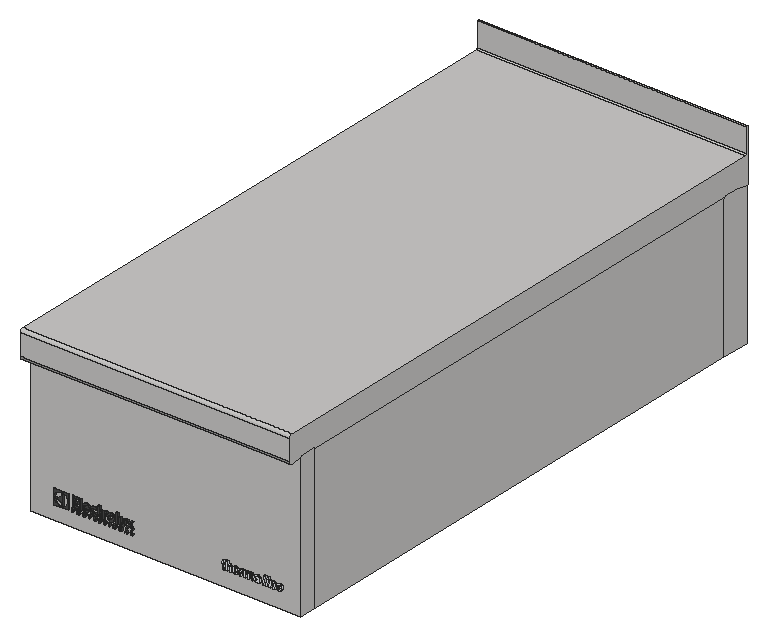
Revit family "QF_ELECTROLUXPROFESSIONAL_588563_MBNABBDOOO", category Attrezzature speciali, Revit 2020
Family settings
  Quota connettore circolare = Usa diametro
  Tipo di parte = Normale
  Basato su piano di lavoro = No
  Sempre verticale = Sì
  Taglio con vuoti quando caricato = No
  Condiviso = No
  Punto di calcolo locali = No
Parameters (values of type "Standard")
  Weight = 16.00 kg
  Watts = 0 W
  Volts = 0 V
  URL Manufacturer = "https://www.electroluxprofessional.com/"
  URL = "https://www.electroluxprofessional.com/"
  Steam Supply Size = 0"
  Steam Supply Minimum Pressure = 0.00 psi
  Steam Supply Maximum Pressure = 0.00 psi
  Steam Consumption per Hour = 0
  Refrigeration Suction Line Size = 0 mm
  Refrigeration Liquid Line Size = 0 mm
  Refrigerant Compressor Remote = yes
  Prospetto di default = 0 mm
  Phase = 0
  Modello = "MBNABBDOOO"
  Produttore = "Electrolux Professional"
  Length Actual = 400 mm  # constant formula
  Item Number = "588563"
  Hot Water Size = 0"
  Height Actual = 250 mm  # constant formula
  HP = "0 HP"
  Gas Size = 0"
  Gas KW = 0
  Gas Input Pressure = 0.0 Btu/h
  Direct Waste Size = 0"
  Descrizione = "WORK TOP,CLOSED,1-S,BACKSPL,400X850X250H"
  Depth Actual = 850 mm  # constant formula
  Cycle = 0 Hz
  Condensate Return Size = 0"
  Compressed Air Volume = 0 GPM
  Compressed Air Size = 0"
  Compressed Air Pressure = 0.00 psi
  Cold Water Size = 0"
  Accessory = yes
Reference planes
  plane 1 "BACK": y = 0
  plane 2: z = 0
  plane 3 "LEFT": x = 0
  plane 4 "RIGHT": x = 400
  plane 5 "FRONT": y = -850
  plane 6 "PLAIN": z = 900
  plane 7 "Center (Left/Right)": x = 200
  plane 8 "Center (Front/Back)": y = -425
  plane 9 "Grill": z = 888
  plane 10 "BASE": z = 650
  plane 11 "TOP": z = 938
  plane 12: x = 285
  plane 13: x = 35
Forms (mm)
  Extrusion 1, solid, material "QF_Finishes_Stainless Steel"
    sketch origin (0, 0, 650) x (0, 1, 0) y (0, 0, 1)
      loop
        line (0, 288) -> (-2, 288) -> (-2, 252)
        arc (-2, 252) -> (-2.586, 250.586) -> (-4, 250) r 2
        line (-4, 250) -> (-845, 250)
        arc (-845, 250) -> (-848.536, 248.536) -> (-850, 245) r 5
        line (-850, 245) -> (-850, 214)
        arc (-850, 214) -> (-848.571, 210.936) -> (-845.305, 210.061) r 4
        line (-845.305, 210.061) -> (-830, 212.969) -> (-20, 212.969) -> (-4.695, 210.061)
        arc (-4.695, 210.061) -> (-1.429, 210.936) -> (0, 214) r 4
        line (0, 214) -> (0, 288)
    from 0 to 400
  Extrusion 2, solid, material "QF_Finishes_Stainless Steel"
    sketch origin (200, 296.4, 1869.2) x (0, 1, 0) y (0, 0, 1)
      loop
        line (-299.4, -1009.461) -> (-316.4, -1006.231) -> (-341.4, -1006.231) -> (-341.4, -1219.2) -> (-299.4, -1219.2) -> (-299.4, -1009.461)
    from -200 to 200
  Extrusion 3, solid, material "QF_Finishes_Stainless Steel"
    sketch origin (0, 0, 650) x (0, 1, 0) y (0, 0, 1)
      loop
        line (-45, 212.969) -> (-805, 212.969) -> (-805, 0) -> (-45, 0) -> (-45, 212.969)
    from 0 to 400
  Extrusion 4, solid, material "QF_Finishes_Stainless Steel"
    sketch origin (0, 0, 0) x (0, 1, 0) y (0, 0, 1)
      loop
        line (-805, 862.969) -> (-830, 862.969) -> (-830, 650) -> (-805, 650) -> (-805, 862.969)
    from 0 to 400
Lines and regions (mm)
  symbolic lines
    curve 1: line (0, -850, 0) -> (0, 0, 0)
    curve 2: line (0, -850, 888) -> (400, -850, 888)
    curve 3: line (400, 0, 888) -> (0, 0, 888)
    curve 4: line (400, -850, 888) -> (400, 0, 888)
    curve 5: line (400, -2, 888) -> (0, -2, 888)
Dimensions and locks
  plane 3 "LEFT" to plane 4 "RIGHT" = 400 mm
  plane 5 "FRONT" to plane 1 "BACK" = 850 mm
  equal spacing: plane 3 "LEFT", plane 7 "Center (Left/Right)", plane 4 "RIGHT"
  equal spacing: plane 5 "FRONT", plane 8 "Center (Front/Back)", plane 1 "BACK"
  locked: plane 6 "PLAIN" to level at 900
  plane 6 "PLAIN" to plane 10 "BASE" = 250 mm
  plane 11 "TOP" to plane 6 "PLAIN" = 38 mm
  locked: plane 12 to plane 4 "RIGHT" at 115
  plane 13 to plane 3 "LEFT" = 35 mm
  aligned and locked: level to plane 2
  aligned and locked: Extrusion 4 to plane 3 "LEFT"
  aligned and locked: Extrusion 4 to plane 4 "RIGHT"
  aligned and locked: plane 3 "LEFT" to Extrusion 2
  aligned and locked: Extrusion 2 to plane 4 "RIGHT"
  aligned and locked: Extrusion 3 to plane 4 "RIGHT"
  aligned and locked: Extrusion 3 to plane 3 "LEFT"
  aligned and locked: Extrusion 1 to plane 3 "LEFT"
  aligned and locked: Extrusion 1 to plane 4 "RIGHT"
  aligned and locked: nested 1 to plane 12
Automatic sketch dimensions
  plane 1 "BACK" to curve 1 = 0 mm
  curve 1 to plane 3 "LEFT" = 0 mm
  plane 5 "FRONT" to curve 1 = 0 mm
  Extrusion 1 sketch curve to plane 5 "FRONT" = 0 mm
  Extrusion 1 sketch curve to plane 6 "PLAIN" = 0 mm
  Extrusion 1 sketch curve to plane 11 "TOP" = 0 mm
  Extrusion 1 sketch curve to plane 1 "BACK" = 0 mm
  Extrusion 1 sketch curve to Extrusion 1 sketch curve = 4 mm
  Extrusion 1 sketch curve to Extrusion 1 sketch curve = 0.695 mm
  Extrusion 1 sketch curve to Extrusion 1 sketch curve = 5 mm
  Extrusion 1 sketch curve to Extrusion 1 sketch curve = 15.305 mm
  plane 1 "BACK" to Extrusion 1 sketch curve = 20 mm
  plane 1 "BACK" to Extrusion 1 sketch curve = 4.695 mm
  plane 1 "BACK" to Extrusion 1 sketch curve = 4 mm  (x2)
  plane 1 "BACK" to Extrusion 1 sketch curve = 2 mm
  Extrusion 1 sketch curve to plane 9 "Grill" = 24 mm  (x2)
  Extrusion 1 sketch curve to Extrusion 1 sketch curve = 2.909 mm
  Extrusion 2 sketch curve to plane 10 "BASE" = 0 mm
  plane 1 "BACK" to Extrusion 2 sketch curve = 45 mm
  plane 1 "BACK" to Extrusion 2 sketch curve = 20 mm
  plane 1 "BACK" to Extrusion 2 sketch curve = 3 mm
  Extrusion 2 sketch curve to plane 9 "Grill" = 28.261 mm
  Extrusion 2 sketch curve to plane 9 "Grill" = 25.031 mm
  Extrusion 3 sketch curve to plane 10 "BASE" = 0 mm
  Extrusion 3 sketch curve to plane 5 "FRONT" = 45 mm
  plane 1 "BACK" to Extrusion 3 sketch curve = 45 mm
  Extrusion 3 sketch curve to plane 9 "Grill" = 25.031 mm
  curve 2 to plane 4 "RIGHT" = 0 mm
  plane 5 "FRONT" to curve 2 = 0 mm
  curve 5 to plane 3 "LEFT" = 0 mm
  plane 1 "BACK" to curve 4 = 0 mm
  curve 3 to plane 3 "LEFT" = 0 mm
  curve 2 to plane 3 "LEFT" = 0 mm
  curve 5 to curve 3 = 2 mm
  Extrusion 4 sketch curve to plane 10 "BASE" = 0 mm
  Extrusion 4 sketch curve to plane 5 "FRONT" = 20 mm
  Extrusion 4 sketch curve to Extrusion 4 sketch curve = 25 mm
  Extrusion 4 sketch curve to plane 9 "Grill" = 25.031 mm
Nested families
  nested 1: "ELX_ThermaLine_Small" at (324.867, -830, 680) x (1, 0, 0) z (0, -1, 0), type "ELX_ThermaLine_Small"
    with Show Logo yes, Material_Logo QF_Finishes_Black
  nested 2: "ELX_Professional_Logo_Small" at (94.486, -830, 682.232) x (1, 0, 0) z (0, -1, 0), type "ELX_Professional_Logo_Small"
    with Show Logo yes, Material_Logo QF_Finishes_Black
Definition of nested family "ELX_ThermaLine_Small"
  Parameters
    Show Logo [instance] = yes
    Material_Logo [instance] = none
    Default Elevation = 0 mm
  Reference planes
    plane 1 "Centro (Fronte/Retro)": y = 0
    plane 2: z = 0
    plane 3 "Centro (Sinistra/Destra)": x = 0
  Forms (mm)
    Extrusion 1, solid
      sketch origin (0, 0, 0) x (1, 0, 0) y (0, 1, 0)
        loop
          line (-1219.2, 1219.2) -> (-1219.2, -1219.2) -> (1219.2, -1219.2) -> (1219.2, 1219.2) -> (-1219.2, 1219.2)
      from 0 to -304.8
    Extrusion 2, solid
      sketch origin (0, 0, 0) x (1, 0, 0) y (0, 1, 0)
        loop
          line (-37.494, 1.229) -> (-35.908, 1.229) -> (-35.908, 3.066) -> (-37.494, 3.066) -> (-37.494, 6.221) -> (-39.867, 4.881) -> (-39.867, 3.066) -> (-40.969, 3.066) -> (-40.969, 1.229) -> (-39.867, 1.229) -> (-39.867, -3.407)
          arc (-39.867, -3.407) -> (-38.982, -5.513) -> (-36.751, -6.001) r 2.478
          line (-36.751, -6.001) -> (-35.638, -5.7) -> (-35.9, -3.835) -> (-36.661, -4.039)
          arc (-36.661, -4.039) -> (-37.236, -3.924) -> (-37.494, -3.399) r 0.662
          line (-37.494, -3.399) -> (-37.494, 1.229)
        loop
          line (-34.242, 6.539) -> (-34.242, -5.848) -> (-31.854, -5.848) -> (-31.854, -0.078)
          arc (-31.854, -0.078) -> (-30.939, 1.249) -> (-29.33, 1.367) r 1.866
          arc (-29.33, 1.367) -> (-28.695, 0.768) -> (-28.461, -0.073) r 1.627
          line (-28.461, -0.073) -> (-28.461, -5.848) -> (-26.086, -5.848) -> (-26.064, -0.46)
          arc (-26.064, -0.46) -> (-26.261, 0.932) -> (-26.786, 2.237) r 5.825
          arc (-26.786, 2.237) -> (-29.381, 3.264) -> (-31.854, 1.971) r 3.353
          line (-31.854, 1.971) -> (-31.854, 6.539) -> (-34.242, 6.539)
        loop
          arc (-18.398, -0.598) -> (-18.893, 0.879) -> (-20.326, 1.487) r 1.897
          arc (-20.326, 1.487) -> (-21.461, 0.708) -> (-21.897, -0.598) r 2.164
          line (-21.897, -0.598) -> (-18.398, -0.598)
        loop
          arc (-16.021, -2.044) -> (-16.754, 1.227) -> (-19.444, 3.226) r 4.814
          arc (-19.444, 3.226) -> (-22.137, 2.788) -> (-23.943, 0.743) r 4.054
          arc (-23.943, 0.743) -> (-24.382, -1.249) -> (-24.162, -3.276) r 6.289
          arc (-24.162, -3.276) -> (-23.302, -4.71) -> (-21.958, -5.705) r 4.28
          arc (-21.958, -5.705) -> (-18.558, -5.814) -> (-16.152, -3.409) r 4.28
          line (-16.152, -3.409) -> (-18.5, -2.995)
          arc (-18.5, -2.995) -> (-19.273, -3.994) -> (-20.533, -4.076) r 1.536
          arc (-20.533, -4.076) -> (-21.56, -3.281) -> (-21.958, -2.044) r 2.197
          line (-21.958, -2.044) -> (-16.021, -2.044)
        loop
          line (-14.165, -5.848) -> (-11.819, -5.848) -> (-11.819, -2.138)
          arc (-11.819, -2.138) -> (-11.787, -1.156) -> (-11.637, -0.185) r 8.18
          arc (-11.637, -0.185) -> (-10.644, 0.972) -> (-9.132, 0.776) r 1.603
          line (-9.132, 0.776) -> (-8.419, 2.846)
          arc (-8.419, 2.846) -> (-10.432, 3.118) -> (-11.994, 1.821) r 2.527
          line (-11.994, 1.821) -> (-11.994, 3.094) -> (-14.165, 3.094) -> (-14.165, -5.848)
        loop
          line (-7.579, 3.094) -> (-7.579, -5.848) -> (-5.178, -5.848) -> (-5.178, -0.756)
          arc (-5.178, -0.756) -> (-4.727, 0.679) -> (-3.417, 1.419) r 2.05
          arc (-3.417, 1.419) -> (-2.499, 0.908) -> (-2.155, -0.085) r 1.471
          line (-2.155, -0.085) -> (-2.155, -5.848) -> (0.23, -5.848) -> (0.23, -1.001)
          arc (0.23, -1.001) -> (0.47, 0.127) -> (1.148, 1.061) r 2.775
          arc (1.148, 1.061) -> (2.225, 1.329) -> (3.05, 0.587) r 1.182
          arc (3.05, 0.587) -> (3.199, -0.019) -> (3.214, -0.642) r 2.894
          line (3.214, -0.642) -> (3.214, -5.848) -> (5.601, -5.848) -> (5.601, 0.261)
          arc (5.601, 0.261) -> (4.87, 2.263) -> (2.976, 3.241) r 2.932
          arc (2.976, 3.241) -> (1.284, 2.973) -> (-0.047, 1.896) r 3.309
          arc (-0.047, 1.896) -> (-1.116, 2.865) -> (-2.506, 3.258) r 3.16
          arc (-2.506, 3.258) -> (-4.105, 2.942) -> (-5.376, 1.92) r 3.419
          line (-5.376, 1.92) -> (-5.376, 3.094) -> (-7.579, 3.094)
        loop
          line (7.583, 0.738) -> (9.702, 0.364)
          arc (9.702, 0.364) -> (11.441, 1.492) -> (12.855, -0.023) r 1.613
          line (12.855, -0.023) -> (9.782, -0.789)
          arc (9.782, -0.789) -> (8.559, -1.346) -> (7.617, -2.305) r 3.687
          arc (7.617, -2.305) -> (7.499, -3.681) -> (7.901, -5.003) r 3.651
          arc (7.901, -5.003) -> (9.107, -5.766) -> (10.515, -6.006) r 3.635
          arc (10.515, -6.006) -> (11.898, -5.697) -> (13.067, -4.895) r 3.734
          line (13.067, -4.895) -> (13.376, -5.848) -> (15.75, -5.848) -> (15.212, -4.193) -> (15.212, 0.38)
          arc (15.212, 0.38) -> (14.897, 1.849) -> (13.818, 2.895) r 2.585
          arc (13.818, 2.895) -> (11.792, 3.442) -> (9.719, 3.11) r 5.005
          arc (9.719, 3.11) -> (8.369, 2.178) -> (7.583, 0.738) r 3.54
        loop
          line (19.723, -5.848) -> (22.233, -5.848) -> (24.854, 6.484) -> (22.345, 6.484) -> (19.723, -5.848)
        loop
          line (24.583, -5.848) -> (26.953, -5.848) -> (28.848, 3.066) -> (26.478, 3.066) -> (24.583, -5.848)
        loop
          line (27.204, 6.484) -> (26.741, 4.305) -> (29.111, 4.305) -> (29.575, 6.484) -> (27.204, 6.484)
        loop
          line (29.355, -5.848) -> (31.849, -5.848) -> (33.098, 0.028)
          arc (33.098, 0.028) -> (34.169, 1.306) -> (35.832, 1.422) r 2.132
          arc (35.832, 1.422) -> (36.324, 0.752) -> (36.383, -0.078) r 1.5
          line (36.383, -0.078) -> (35.157, -5.848) -> (37.536, -5.848) -> (38.936, 0.738)
          arc (38.936, 0.738) -> (38.775, 2.091) -> (37.825, 3.066) r 2.118
          arc (37.825, 3.066) -> (35.392, 3.175) -> (33.295, 1.937) r 4.271
          line (33.295, 1.937) -> (33.535, 3.066) -> (31.25, 3.066) -> (29.355, -5.848)
        loop
          line (42.792, -0.64) -> (46.589, -0.64)
          arc (46.589, -0.64) -> (46.639, 0.124) -> (46.327, 0.823) r 1.589
          arc (46.327, 0.823) -> (45.117, 1.521) -> (43.762, 1.183) r 1.865
          arc (43.762, 1.183) -> (43.141, 0.344) -> (42.792, -0.64) r 3.538
        loop
          line (42.565, -2.138) -> (48.593, -2.138)
          arc (48.593, -2.138) -> (48.58, 0.597) -> (46.983, 2.818) r 4.494
          arc (46.983, 2.818) -> (44.191, 3.28) -> (41.725, 1.891) r 4.26
          arc (41.725, 1.891) -> (40.503, -0.3) -> (40.284, -2.799) r 6.003
          arc (40.284, -2.799) -> (40.959, -4.468) -> (42.377, -5.576) r 3.482
          arc (42.377, -5.576) -> (44.265, -5.961) -> (46.152, -5.576) r 4.823
          arc (46.152, -5.576) -> (47.432, -4.731) -> (48.328, -3.485) r 4.245
          line (48.328, -3.485) -> (46.168, -3.105)
          arc (46.168, -3.105) -> (45.214, -4.072) -> (43.859, -4.181) r 1.953
          arc (43.859, -4.181) -> (42.821, -3.408) -> (42.565, -2.138) r 1.81
        loop
          line (12.868, -1.553) -> (10.216, -2.214)
          arc (10.216, -2.214) -> (9.747, -3.136) -> (10.216, -4.058) r 1.14
          arc (10.216, -4.058) -> (11.537, -4.249) -> (12.614, -3.46) r 1.763
          arc (12.614, -3.46) -> (12.858, -2.522) -> (12.868, -1.553) r 3.97
      from 0 to 1.6
  Dimensions and locks
    aligned and locked: plane 2 to Extrusion 1
    aligned and locked: level to Extrusion 1
Definition of nested family "ELX_Professional_Logo_Small"
  Parameters
    Show Logo [instance] = yes
    Material_Logo [instance] = none
    Default Elevation = 0 mm
  Reference planes
    plane 1 "Centro (Fronte/Retro)": y = 0
    plane 2: z = 0
    plane 3 "Centro (Sinistra/Destra)": x = 0
  Forms (mm)
    Extrusion 1, solid
      sketch origin (0, 0, 0) x (1, 0, 0) y (0, 1, 0)
        loop
          line (-1219.2, 1219.2) -> (-1219.2, -1219.2) -> (1219.2, -1219.2) -> (1219.2, 1219.2) -> (-1219.2, 1219.2)
      from 0 to -304.8
    Extrusion 2, solid, material <- "Material_Logo"
      sketch origin (15.5, 0, 0) x (1, 0, 0) y (0, 1, 0)
        loop
          spline (-42.99, -1.24) -> (-43.195, -1.231) -> (-43.415, -1.203) -> (-43.642, -1.152) -> (-43.87, -1.074) -> (-44.095, -0.966) -> (-44.309, -0.825) -> (-44.506, -0.647) -> (-44.681, -0.429) -> (-44.828, -0.167) -> (-44.94, 0.142) -> (-45.011, 0.501) -> (-45.037, 0.915)
          line (-45.037, 0.915) -> (-45.037, 2.748) -> (-38.984, 2.748) -> (-38.984, 5.086) -> (-45.038, 5.086) -> (-45.038, 8.489) -> (-38.599, 8.489) -> (-38.599, 10.82) -> (-47.515, 10.82) -> (-47.515, 1.021)
          spline (-47.515, 1.021) -> (-47.493, 0.418) -> (-47.425, -0.15) -> (-47.311, -0.682) -> (-47.15, -1.175) -> (-46.939, -1.628) -> (-46.678, -2.038) -> (-46.365, -2.404) -> (-46, -2.723) -> (-45.58, -2.995) -> (-45.105, -3.216) -> (-44.573, -3.385) -> (-43.983, -3.499)
          line (-43.983, -3.499) -> (-43.01, -3.569) -> (-38.426, -3.569) -> (-38.426, -1.24) -> (-42.99, -1.24)
        loop
          line (-36.666, 4.021) -> (-36.666, -3.573) -> (-34.188, -3.573) -> (-34.188, 10.824) -> (-36.666, 10.824) -> (-36.666, 4.021)
        loop
          spline (-21.915, 1.897) -> (-21.957, 2.615) -> (-22.082, 3.303) -> (-22.285, 3.955) -> (-22.563, 4.564) -> (-22.913, 5.124) -> (-23.331, 5.629) -> (-23.814, 6.074) -> (-24.359, 6.451) -> (-24.961, 6.755) -> (-25.618, 6.98) -> (-26.326, 7.119) -> (-27.081, 7.167)
          spline (-27.081, 7.167) -> (-27.853, 7.122) -> (-28.586, 6.99) -> (-29.275, 6.774) -> (-29.915, 6.478) -> (-30.5, 6.104) -> (-31.024, 5.657) -> (-31.483, 5.138) -> (-31.871, 4.553) -> (-32.182, 3.904) -> (-32.411, 3.194) -> (-32.552, 2.427) -> (-32.6, 1.606)
          spline (-32.6, 1.606) -> (-32.553, 0.805) -> (-32.416, 0.057) -> (-32.193, -0.637) -> (-31.887, -1.271) -> (-31.504, -1.843) -> (-31.048, -2.35) -> (-30.523, -2.788) -> (-29.934, -3.154) -> (-29.284, -3.444) -> (-28.579, -3.656) -> (-27.822, -3.785) -> (-27.019, -3.829)
          spline (-27.019, -3.829) -> (-26.627, -3.82) -> (-26.239, -3.79) -> (-25.856, -3.739) -> (-25.477, -3.663) -> (-25.103, -3.562) -> (-24.734, -3.432) -> (-24.369, -3.273) -> (-24.01, -3.082) -> (-23.655, -2.858) -> (-23.305, -2.597) -> (-22.96, -2.299) -> (-22.621, -1.962)
          line (-22.621, -1.962) -> (-24.114, -0.509)
          spline (-24.114, -0.509) -> (-24.311, -0.699) -> (-24.509, -0.872) -> (-24.71, -1.03) -> (-24.915, -1.172) -> (-25.126, -1.297) -> (-25.346, -1.407) -> (-25.576, -1.5) -> (-25.817, -1.576) -> (-26.072, -1.636) -> (-26.342, -1.678) -> (-26.629, -1.704) -> (-26.936, -1.713)
          spline (-26.936, -1.713) -> (-27.384, -1.691) -> (-27.805, -1.625) -> (-28.196, -1.518) -> (-28.556, -1.372) -> (-28.882, -1.187) -> (-29.174, -0.966) -> (-29.429, -0.71) -> (-29.645, -0.422) -> (-29.821, -0.102) -> (-29.955, 0.247) -> (-30.045, 0.623) -> (-30.089, 1.026)
          line (-30.089, 1.026) -> (-21.956, 1.026) -> (-21.915, 1.897)
        loop
          spline (-24.446, 2.769) -> (-24.47, 3.075) -> (-24.54, 3.37) -> (-24.654, 3.65) -> (-24.807, 3.913) -> (-24.996, 4.156) -> (-25.219, 4.376) -> (-25.472, 4.57) -> (-25.753, 4.736) -> (-26.057, 4.869) -> (-26.382, 4.968) -> (-26.724, 5.03) -> (-27.081, 5.051)
          spline (-27.081, 5.051) -> (-27.464, 5.03) -> (-27.832, 4.97) -> (-28.183, 4.872) -> (-28.513, 4.74) -> (-28.819, 4.577) -> (-29.099, 4.384) -> (-29.347, 4.165) -> (-29.563, 3.923) -> (-29.742, 3.659) -> (-29.881, 3.377) -> (-29.977, 3.079) -> (-30.027, 2.769)
          line (-30.027, 2.769) -> (-24.446, 2.769)
        loop
          spline (-18.167, 1.669) -> (-18.138, 2.13) -> (-18.055, 2.567) -> (-17.921, 2.978) -> (-17.739, 3.358) -> (-17.512, 3.705) -> (-17.243, 4.016) -> (-16.937, 4.287) -> (-16.596, 4.517) -> (-16.223, 4.7) -> (-15.823, 4.835) -> (-15.398, 4.919) -> (-14.951, 4.947)
          spline (-14.951, 4.947) -> (-14.677, 4.938) -> (-14.414, 4.913) -> (-14.162, 4.871) -> (-13.921, 4.812) -> (-13.69, 4.738) -> (-13.467, 4.649) -> (-13.254, 4.544) -> (-13.048, 4.424) -> (-12.85, 4.291) -> (-12.659, 4.143) -> (-12.474, 3.981) -> (-12.295, 3.806)
          line (-12.295, 3.806) -> (-10.76, 5.403)
          spline (-10.76, 5.403) -> (-11.065, 5.709) -> (-11.38, 5.984) -> (-11.703, 6.228) -> (-12.035, 6.443) -> (-12.375, 6.63) -> (-12.723, 6.788) -> (-13.078, 6.92) -> (-13.44, 7.026) -> (-13.809, 7.107) -> (-14.184, 7.164) -> (-14.564, 7.198) -> (-14.951, 7.209)
          spline (-14.951, 7.209) -> (-15.725, 7.161) -> (-16.467, 7.02) -> (-17.169, 6.792) -> (-17.826, 6.482) -> (-18.43, 6.096) -> (-18.976, 5.637) -> (-19.455, 5.112) -> (-19.862, 4.525) -> (-20.19, 3.882) -> (-20.433, 3.189) -> (-20.584, 2.449) -> (-20.635, 1.669)
          spline (-20.635, 1.669) -> (-20.584, 0.889) -> (-20.433, 0.149) -> (-20.19, -0.545) -> (-19.862, -1.187) -> (-19.455, -1.774) -> (-18.976, -2.299) -> (-18.43, -2.758) -> (-17.826, -3.145) -> (-17.169, -3.454) -> (-16.467, -3.682) -> (-15.725, -3.823) -> (-14.951, -3.871)
          spline (-14.951, -3.871) -> (-14.564, -3.86) -> (-14.184, -3.826) -> (-13.809, -3.77) -> (-13.44, -3.689) -> (-13.078, -3.583) -> (-12.723, -3.451) -> (-12.375, -3.292) -> (-12.035, -3.105) -> (-11.703, -2.89) -> (-11.38, -2.646) -> (-11.065, -2.371) -> (-10.76, -2.066)
          line (-10.76, -2.066) -> (-12.295, -0.468)
          spline (-12.295, -0.468) -> (-12.474, -0.643) -> (-12.659, -0.805) -> (-12.85, -0.953) -> (-13.048, -1.087) -> (-13.254, -1.206) -> (-13.467, -1.311) -> (-13.69, -1.4) -> (-13.921, -1.475) -> (-14.162, -1.533) -> (-14.414, -1.575) -> (-14.677, -1.6) -> (-14.951, -1.609)
          spline (-14.951, -1.609) -> (-15.398, -1.581) -> (-15.823, -1.497) -> (-16.223, -1.362) -> (-16.596, -1.179) -> (-16.937, -0.95) -> (-17.243, -0.678) -> (-17.512, -0.367) -> (-17.739, -0.02) -> (-17.921, 0.36) -> (-18.055, 0.771) -> (-18.138, 1.208) -> (-18.167, 1.669)
        loop
          spline (-4.441, -1.243) -> (-4.659, -1.247) -> (-4.894, -1.23) -> (-5.137, -1.19) -> (-5.384, -1.121) -> (-5.628, -1.021) -> (-5.864, -0.884) -> (-6.084, -0.708) -> (-6.283, -0.488) -> (-6.454, -0.219) -> (-6.592, 0.101) -> (-6.69, 0.478) -> (-6.742, 0.914)
          line (-6.742, 0.914) -> (-6.742, 4.587) -> (-4.487, 4.587) -> (-4.487, 6.838) -> (-6.738, 6.838) -> (-6.738, 10.824) -> (-9.217, 10.824) -> (-9.217, 0.773)
          spline (-9.217, 0.773) -> (-9.164, 0.19) -> (-9.068, -0.358) -> (-8.928, -0.87) -> (-8.742, -1.343) -> (-8.511, -1.777) -> (-8.232, -2.168) -> (-7.904, -2.515) -> (-7.527, -2.816) -> (-7.098, -3.069) -> (-6.618, -3.273) -> (-6.084, -3.426) -> (-5.496, -3.525)
          line (-5.496, -3.525) -> (-4.45, -3.573) -> (-4.441, -1.243)
        loop
          spline (3.898, 6.983) -> (3.469, 7.009) -> (3.056, 7.001) -> (2.661, 6.961) -> (2.283, 6.888) -> (1.925, 6.785) -> (1.588, 6.652) -> (1.272, 6.49) -> (0.979, 6.301) -> (0.71, 6.085) -> (0.465, 5.844) -> (0.247, 5.578) -> (0.056, 5.289)
          line (0.056, 5.289) -> (0.056, 6.838) -> (-2.402, 6.838) -> (-2.402, -3.572) -> (0.056, -3.572) -> (0.056, 1.901)
          spline (0.056, 1.901) -> (0.079, 2.316) -> (0.145, 2.703) -> (0.254, 3.06) -> (0.404, 3.386) -> (0.592, 3.679) -> (0.818, 3.938) -> (1.08, 4.162) -> (1.375, 4.348) -> (1.703, 4.495) -> (2.062, 4.602) -> (2.45, 4.668) -> (2.865, 4.69)
          line (2.865, 4.69) -> (3.898, 4.586) -> (3.898, 6.983)
        loop
          spline (15.638, 1.633) -> (15.586, 2.396) -> (15.435, 3.124) -> (15.192, 3.81) -> (14.863, 4.449) -> (14.455, 5.034) -> (13.975, 5.56) -> (13.43, 6.021) -> (12.826, 6.411) -> (12.17, 6.724) -> (11.469, 6.955) -> (10.729, 7.098) -> (9.958, 7.147)
          spline (9.958, 7.147) -> (9.182, 7.098) -> (8.44, 6.955) -> (7.737, 6.724) -> (7.081, 6.411) -> (6.477, 6.021) -> (5.933, 5.56) -> (5.454, 5.034) -> (5.048, 4.449) -> (4.721, 3.81) -> (4.479, 3.124) -> (4.329, 2.396) -> (4.277, 1.633)
          spline (4.277, 1.633) -> (4.329, 0.869) -> (4.479, 0.141) -> (4.721, -0.544) -> (5.048, -1.183) -> (5.454, -1.768) -> (5.933, -2.294) -> (6.477, -2.755) -> (7.081, -3.145) -> (7.737, -3.459) -> (8.44, -3.69) -> (9.182, -3.833) -> (9.958, -3.882)
          spline (9.958, -3.882) -> (10.729, -3.833) -> (11.469, -3.69) -> (12.17, -3.459) -> (12.826, -3.145) -> (13.43, -2.755) -> (13.975, -2.294) -> (14.455, -1.768) -> (14.863, -1.183) -> (15.192, -0.544) -> (15.435, 0.141) -> (15.586, 0.869) -> (15.638, 1.633)
        loop
          spline (13.18, 1.633) -> (13.151, 2.083) -> (13.067, 2.513) -> (12.932, 2.918) -> (12.748, 3.296) -> (12.52, 3.642) -> (12.251, 3.954) -> (11.943, 4.227) -> (11.601, 4.459) -> (11.228, 4.645) -> (10.828, 4.782) -> (10.403, 4.867) -> (9.958, 4.896)
          spline (9.958, 4.896) -> (9.509, 4.867) -> (9.081, 4.782) -> (8.679, 4.645) -> (8.306, 4.459) -> (7.964, 4.227) -> (7.658, 3.954) -> (7.39, 3.642) -> (7.163, 3.296) -> (6.981, 2.918) -> (6.847, 2.513) -> (6.765, 2.083) -> (6.736, 1.633)
          spline (6.736, 1.633) -> (6.765, 1.182) -> (6.847, 0.753) -> (6.981, 0.347) -> (7.163, -0.031) -> (7.39, -0.377) -> (7.658, -0.689) -> (7.964, -0.962) -> (8.306, -1.193) -> (8.679, -1.38) -> (9.081, -1.517) -> (9.509, -1.602) -> (9.958, -1.631)
          spline (9.958, -1.631) -> (10.403, -1.602) -> (10.828, -1.517) -> (11.228, -1.38) -> (11.601, -1.193) -> (11.943, -0.962) -> (12.251, -0.689) -> (12.52, -0.377) -> (12.748, -0.031) -> (12.932, 0.347) -> (13.067, 0.753) -> (13.151, 1.182) -> (13.18, 1.633)
        loop
          line (17.162, 4.269) -> (17.162, -3.573) -> (19.642, -3.573) -> (19.642, 10.824) -> (17.162, 10.824) -> (17.162, 4.269)
        loop
          line (28.581, 6.838) -> (28.581, 0.786)
          spline (28.581, 0.786) -> (28.561, 0.393) -> (28.503, 0.038) -> (28.409, -0.279) -> (28.281, -0.559) -> (28.122, -0.802) -> (27.933, -1.011) -> (27.717, -1.185) -> (27.476, -1.325) -> (27.213, -1.433) -> (26.929, -1.509) -> (26.626, -1.554) -> (26.308, -1.569)
          spline (26.308, -1.569) -> (25.99, -1.554) -> (25.688, -1.509) -> (25.404, -1.434) -> (25.141, -1.326) -> (24.9, -1.187) -> (24.684, -1.014) -> (24.496, -0.807) -> (24.336, -0.565) -> (24.209, -0.288) -> (24.115, 0.026) -> (24.057, 0.376) -> (24.037, 0.765)
          line (24.037, 0.765) -> (24.037, 6.838) -> (21.537, 6.838) -> (21.537, 0.558)
          spline (21.537, 0.558) -> (21.581, -0.153) -> (21.71, -0.8) -> (21.916, -1.384) -> (22.195, -1.904) -> (22.54, -2.362) -> (22.944, -2.757) -> (23.403, -3.09) -> (23.909, -3.362) -> (24.456, -3.572) -> (25.04, -3.722) -> (25.652, -3.811) -> (26.288, -3.841)
          spline (26.288, -3.841) -> (26.929, -3.811) -> (27.547, -3.72) -> (28.135, -3.568) -> (28.687, -3.355) -> (29.197, -3.079) -> (29.66, -2.741) -> (30.068, -2.341) -> (30.415, -1.877) -> (30.696, -1.349) -> (30.905, -0.757) -> (31.034, -0.101) -> (31.079, 0.621)
          line (31.079, 0.621) -> (31.079, 6.838) -> (28.581, 6.838)
        loop
          line (40.457, -0.243) -> (38.894, 1.942) -> (40.83, 4.579) -> (42.488, 6.837) -> (39.782, 6.837) -> (37.53, 3.719) -> (35.258, 6.837) -> (32.573, 6.837) -> (34.113, 4.731) -> (36.167, 1.922) -> (34.014, -1.076) -> (32.222, -3.573) -> (34.887, -3.573) -> (37.53, 0.104) -> (40.174, -3.573) -> (42.839, -3.573) -> (40.457, -0.243)
        loop
          line (-46.121, -5.837) -> (-48.039, -5.837) -> (-48.039, -10.814) -> (-47.016, -10.814) -> (-47.016, -9.128) -> (-46.121, -9.128)
          arc (-46.121, -9.128) -> (-44.476, -7.482) -> (-46.121, -5.837) r 1.645
        loop
          line (-46.163, -6.778) -> (-47.016, -6.778) -> (-47.016, -8.187) -> (-46.163, -8.187)
          arc (-46.163, -8.187) -> (-45.458, -7.482) -> (-46.163, -6.778) r 0.704
        loop
          line (-38.313, -5.837) -> (-40.265, -5.837) -> (-40.265, -10.814) -> (-39.241, -10.814) -> (-39.241, -9.1) -> (-38.46, -9.182) -> (-37.48, -10.814) -> (-36.318, -10.814) -> (-37.513, -8.848)
          arc (-37.513, -8.848) -> (-36.888, -8.266) -> (-36.671, -7.441) r 1.536
          arc (-36.671, -7.441) -> (-37.165, -6.305) -> (-38.313, -5.837) r 1.643
        loop
          arc (-38.402, -8.166) -> (-37.707, -7.505) -> (-38.334, -6.778) r 0.696
          line (-38.334, -6.778) -> (-39.241, -6.778) -> (-39.241, -8.166) -> (-38.402, -8.166)
        loop
          circle (-29.965, -8.325) r 2.585
        loop
          circle (-29.965, -8.325) r 1.64
        loop
          line (-23.1, -5.837) -> (-23.1, -10.814) -> (-22.076, -10.814) -> (-22.076, -8.768) -> (-20.204, -8.768) -> (-20.204, -7.828) -> (-22.076, -7.828) -> (-22.076, -6.778) -> (-20.024, -6.778) -> (-20.024, -5.837) -> (-23.1, -5.837)
        loop
          line (-15.802, -5.837) -> (-15.802, -9.2)
          arc (-15.802, -9.2) -> (-15.343, -10.34) -> (-14.209, -10.814) r 1.593
          line (-14.209, -10.814) -> (-12.602, -10.814) -> (-12.602, -10.027) -> (-14.004, -10.027)
          arc (-14.004, -10.027) -> (-14.552, -9.8) -> (-14.779, -9.252) r 0.775
          line (-14.779, -9.252) -> (-14.779, -8.424) -> (-12.789, -8.424) -> (-12.789, -7.642) -> (-14.779, -7.642) -> (-14.779, -6.778) -> (-12.651, -6.778) -> (-12.651, -5.837) -> (-15.802, -5.837)
        loop
          line (-5.909, -7.143) -> (-5.173, -6.638)
          arc (-5.173, -6.638) -> (-5.855, -5.974) -> (-6.781, -5.755) r 1.782
          arc (-6.781, -5.755) -> (-7.397, -5.878) -> (-7.944, -6.189) r 1.974
          arc (-7.944, -6.189) -> (-8.202, -6.5) -> (-8.317, -6.888) r 1.013
          arc (-8.317, -6.888) -> (-8.306, -7.341) -> (-8.192, -7.78) r 1.985
          arc (-8.192, -7.78) -> (-7.749, -8.259) -> (-7.171, -8.563) r 1.928
          arc (-7.171, -8.563) -> (-6.637, -8.779) -> (-6.131, -9.056) r 5.041
          arc (-6.131, -9.056) -> (-5.934, -9.387) -> (-6.09, -9.74) r 0.42
          arc (-6.09, -9.74) -> (-6.631, -9.96) -> (-7.204, -9.845) r 1.016
          arc (-7.204, -9.845) -> (-7.625, -9.603) -> (-7.889, -9.196) r 1.033
          line (-7.889, -9.196) -> (-8.67, -9.686)
          arc (-8.67, -9.686) -> (-8.361, -10.198) -> (-7.908, -10.589) r 1.914
          arc (-7.908, -10.589) -> (-7.334, -10.834) -> (-6.714, -10.896) r 2.063
          arc (-6.714, -10.896) -> (-5.947, -10.743) -> (-5.256, -10.376) r 2.696
          arc (-5.256, -10.376) -> (-4.95, -9.565) -> (-5.108, -8.712) r 1.618
          arc (-5.108, -8.712) -> (-5.448, -8.319) -> (-5.884, -8.035) r 1.876
          arc (-5.884, -8.035) -> (-6.434, -7.789) -> (-6.999, -7.577) r 9.883
          arc (-6.999, -7.577) -> (-7.325, -7.07) -> (-6.854, -6.694) r 0.45
          arc (-6.854, -6.694) -> (-6.329, -6.809) -> (-5.909, -7.143) r 1.197
        loop
          line (1.61, -7.143) -> (2.345, -6.638)
          arc (2.345, -6.638) -> (1.663, -5.974) -> (0.737, -5.755) r 1.782
          arc (0.737, -5.755) -> (0.121, -5.878) -> (-0.425, -6.189) r 1.974
          arc (-0.425, -6.189) -> (-0.683, -6.5) -> (-0.799, -6.888) r 1.013
          arc (-0.799, -6.888) -> (-0.788, -7.341) -> (-0.674, -7.78) r 1.985
          arc (-0.674, -7.78) -> (-0.231, -8.259) -> (0.347, -8.563) r 1.928
          arc (0.347, -8.563) -> (0.881, -8.779) -> (1.387, -9.056) r 5.041
          arc (1.387, -9.056) -> (1.584, -9.387) -> (1.428, -9.74) r 0.42
          arc (1.428, -9.74) -> (0.887, -9.96) -> (0.314, -9.845) r 1.016
          arc (0.314, -9.845) -> (-0.107, -9.603) -> (-0.371, -9.196) r 1.033
          line (-0.371, -9.196) -> (-1.152, -9.686)
          arc (-1.152, -9.686) -> (-0.842, -10.198) -> (-0.39, -10.589) r 1.914
          arc (-0.39, -10.589) -> (0.184, -10.834) -> (0.804, -10.896) r 2.063
          arc (0.804, -10.896) -> (1.572, -10.743) -> (2.263, -10.376) r 2.696
          arc (2.263, -10.376) -> (2.568, -9.565) -> (2.411, -8.712) r 1.618
          arc (2.411, -8.712) -> (2.07, -8.319) -> (1.635, -8.035) r 1.876
          arc (1.635, -8.035) -> (1.084, -7.789) -> (0.519, -7.577) r 9.883
          arc (0.519, -7.577) -> (0.193, -7.07) -> (0.665, -6.694) r 0.45
          arc (0.665, -6.694) -> (1.189, -6.809) -> (1.61, -7.143) r 1.197
        loop
          line (6.801, -5.837) -> (6.801, -10.814) -> (7.825, -10.814) -> (7.825, -5.837) -> (6.801, -5.837)
        loop
          circle (14.724, -8.325) r 1.548
        loop
          circle (14.724, -8.325) r 2.585
        loop
          line (21.59, -10.814) -> (22.623, -10.814) -> (22.623, -7.685) -> (24.9, -10.814) -> (25.895, -10.814) -> (25.895, -5.837) -> (24.861, -5.837) -> (24.861, -9.061) -> (22.585, -5.837) -> (21.59, -5.837) -> (21.59, -10.814)
        loop
          line (31.054, -10.814) -> (31.539, -9.74) -> (33.38, -9.74) -> (33.865, -10.814) -> (34.965, -10.814) -> (32.46, -5.837) -> (29.956, -10.814) -> (31.054, -10.814)
        loop
          line (32.46, -7.698) -> (31.999, -8.719) -> (32.921, -8.719) -> (32.46, -7.698)
        loop
          line (40.047, -9.873) -> (40.047, -5.837) -> (39.024, -5.837) -> (39.024, -10.814) -> (41.961, -10.814) -> (41.961, -9.873) -> (40.047, -9.873)
        loop
          line (-74.986, -10.814) -> (-53.322, -10.814) -> (-53.322, 10.82) -> (-74.986, 10.82) -> (-74.986, -10.814)
        loop
          line (-61.261, 9.758) -> (-61.261, -9.707)
          arc (-61.261, -9.707) -> (-54.066, 0.025) -> (-61.261, 9.758) r 10.18
        loop
          line (-62.251, 8.349) -> (-62.251, 9.758)
          arc (-62.251, 9.758) -> (-70.347, 7.918) -> (-74.247, 0.59) r 9.976
          line (-74.247, 0.59) -> (-71.026, 0.59)
          arc (-71.026, 0.59) -> (-65.274, 2.925) -> (-62.251, 8.349) r 9.351
        loop
          arc (-74.247, -0.539) -> (-70.353, -7.928) -> (-62.251, -9.957) r 10.237
          line (-62.251, -9.957) -> (-62.251, -8.298)
          arc (-62.251, -8.298) -> (-65.274, -2.874) -> (-71.026, -0.539) r 9.351
          line (-71.026, -0.539) -> (-74.247, -0.539)
      from 0 to 1.644
  Dimensions and locks
    aligned and locked: plane 2 to Extrusion 1
    aligned and locked: level to Extrusion 1
